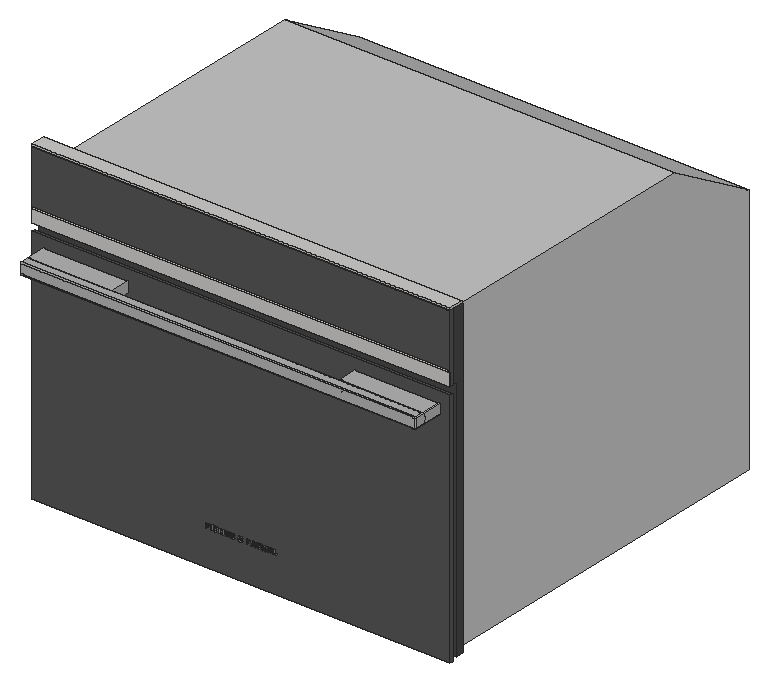
Revit family "FP_Revit_18_OS60NDB1_Steam_Oven_90000817A", category Specialty Equipment, Revit 2018
Family settings
  Round Connector Dimension = Use Diameter
  Part Type = Normal
  OmniClass Number = 23.40.40.14.17.31
  OmniClass Title = Small Specialized Cooking Equipment
  Work Plane-Based = No
  Always vertical = Yes
  Cut with Voids When Loaded = Yes
  Shared = No
  Room Calculation Point = No
Parameters (values of type "OS60NDB1")
  Visibility - Clearance Required = yes
  URL = "www.fisherpaykel.com"
  Product - Width = 596 mm  # constant formula
  Product - Height = 458 mm  # constant formula
  Product - Depth = 562 mm  # constant formula
  Model = "OS60NDB1"
  Material - Trim = Fisher & Paykel - Stainless Steel
  Material - Structure = Fisher & Paykel - Black
  Material - Handle = Fisher & Paykel - Aluminium
  Material - Glass = Fisher & Paykel - Glass, Black
  Material - Body = Fisher & Paykel - Grey
  Manufacturer = "Fisher & Paykel Appliances"
  FFL Offset [instance] = 900 mm
  Description = "60cm Steam Oven"
  Connector Description - Electrical = "220-240 V, 50 Hz, 14.5 A"
  Chassis - Width = 556 mm  # constant formula
  Chassis - Height = 446 mm  # constant formula
  Chassis - Depth = 540 mm  # constant formula
  Cavity - Width = 560 mm  # constant formula
  Cavity - Height = 460 mm  # constant formula
  Cavity - Depth = 560 mm  # constant formula
Reference planes
  plane 1 "Center (Front/Back)": y = 0
  plane 2: z = 0
  plane 3 "Center (Left/Right)": x = 0
  plane 4: z = 1360
  plane 5: z = 1358
  plane 6 "Product LHS": x = -298
  plane 7 "Product RHS": x = 298
  plane 8 "Product - Depth": y = 0
  plane 9 "Cavity LHS": x = -300
  plane 10 "Cavity RHS": x = 300
  plane 11 "Cavity - Depth": y = 560
  plane 12 "Front Face": y = -22
  plane 13 "Chassis - Height": z = 0
  plane 14 "Product Depth": y = 540
  plane 15 "FFL Offset": z = 900
Forms (mm)
  Extrusion 1, solid, material "Fisher & Paykel - Grey" <- "Material - Body"
    sketch origin (0, 0, 0) x (0, 1, 0) y (0, 0, 1)
      loop
        line (0, 1346) -> (0, 907.28) -> (5.16, 907.28) -> (5.16, 900) -> (534.187, 900) -> (534.187, 1257.991) -> (403.295, 1336.64) -> (24.316, 1336.64) -> (8.71, 1346) -> (0, 1346)
    from -278 to 278
  Extrusion 2, solid, material "Fisher & Paykel - Black" <- "Material - Structure", detail levels fine
    sketch origin (0, 0, 0) x (0, 1, 0) y (0, 0, 1)
      loop
        line (0, 1353.9) -> (-2, 1353.9) -> (-2, 1355) -> (-18, 1355) -> (-18, 1258) -> (-9.89, 1258) -> (-9.89, 907.28) -> (0, 907.28) -> (0, 1353.9)
    from -298 to 298
  Extrusion 3, solid, material "Fisher & Paykel - Stainless Steel" <- "Material - Trim", detail levels fine
    sketch origin (0, 0, 0) x (0, 1, 0) y (0, 0, 1)
      loop
        line (-22, 1358) -> (-22, 1355) -> (-2, 1355) -> (-2, 1358) -> (-22, 1358)
    from -298 to 298
  Extrusion 4, solid, material "Fisher & Paykel - Glass, Black" <- "Material - Glass", detail levels fine
    sketch origin (0, 0, 0) x (0, 1, 0) y (0, 0, 1)
      loop
        line (-18, 1355) -> (-20.262, 1355)
        arc (-20.262, 1355) -> (-21.236, 1354.682) -> (-22, 1354) r 2.5
        line (-22, 1354) -> (-22, 1258) -> (-18, 1258) -> (-18, 1355)
    from -298 to 298
  Extrusion 5, solid, material "Fisher & Paykel - Glass, Black" <- "Material - Glass", detail levels fine
    sketch origin (0, 0, 0) x (0, 1, 0) y (0, 0, 1)
      loop
        line (-22, 1246.53) -> (-22, 904.53) -> (-18, 904.53) -> (-18, 1246.53) -> (-22, 1246.53)
    from -298 to 298
  Extrusion 6, solid, material "Fisher & Paykel - Black" <- "Material - Structure", detail levels fine
    sketch origin (0, 0, 0) x (0, 1, 0) y (0, 0, 1)
      loop
        line (-18, 1229.33) -> (-18, 907.28) -> (-9.89, 907.28) -> (-9.89, 1229.33) -> (-18, 1229.33)
    from -278 to 278
  Extrusion 7, void
    sketch origin (0, 0, 0) x (1, 0, 0) y (0, 0, 1)
      loop
        line (-158.462, 1052.91) -> (-229.24, 1052.91)
        arc (-229.24, 1052.91) -> (-232.776, 1051.446) -> (-234.24, 1047.91) r 5
        line (-234.24, 1047.91) -> (-234.24, 955.13)
        arc (-234.24, 955.13) -> (-232.776, 951.594) -> (-229.24, 950.13) r 5
        line (-229.24, 950.13) -> (-158.462, 950.13)
        arc (-158.462, 950.13) -> (-154.926, 951.594) -> (-153.462, 955.13) r 5
        line (-153.462, 955.13) -> (-153.462, 1047.91)
        arc (-153.462, 1047.91) -> (-154.926, 1051.446) -> (-158.462, 1052.91) r 5
    from -539.6 to -521.6
  Sweep 8, void
    path in 3D
      loop
        arc (-153.462, 521.6, 955.13) -> (-154.926, 521.6, 951.594) -> (-158.462, 521.6, 950.13) r 5
        line (-158.462, 521.6, 950.13) -> (-229.24, 521.6, 950.13)
        arc (-229.24, 521.6, 950.13) -> (-232.776, 521.6, 951.594) -> (-234.24, 521.6, 955.13) r 5
        line (-234.24, 521.6, 955.13) -> (-234.24, 521.6, 1047.91)
        arc (-234.24, 521.6, 1047.91) -> (-232.776, 521.6, 1051.446) -> (-229.24, 521.6, 1052.91) r 5
        line (-229.24, 521.6, 1052.91) -> (-158.462, 521.6, 1052.91)
        arc (-158.462, 521.6, 1052.91) -> (-154.926, 521.6, 1051.446) -> (-153.462, 521.6, 1047.91) r 5
        line (-153.462, 521.6, 1047.91) -> (-153.462, 521.6, 955.13)
    profile origin (-153.462, 521.6, 1001.52) x (-1, 0, 0) y (0, -1, 0)
      loop
        line (0, 0) -> (-21.3, -12.587) -> (0, -12.587) -> (0, 0)
  Extrusion 9, solid, material "Fisher & Paykel - Grey" <- "Material - Body", detail levels medium+fine
    sketch origin (0, 0, -100) x (1, 0, 0) y (0, 0, 1)
      loop
        line (-175.354, 1115.273) -> (-212.354, 1115.273) -> (-212.354, 1057.273) -> (-175.354, 1057.273) -> (-175.354, 1115.273)
    from -540 to -521.6
  Extrusion 10, solid, material "Fisher & Paykel - Stainless Steel" <- "Material - Trim", detail levels fine
    sketch origin (0, 0, 0) x (0, 1, 0) y (0, 0, 1)
      loop
        line (-22, 1258) -> (-22, 1277.8) -> (-22.8, 1277.8) -> (-23.7, 1275.5) -> (-23.7, 1258) -> (-22, 1258)
    from -298 to 298
  Extrusion 11, solid, material "Fisher & Paykel - Clearance Required", visible <- "Visibility - Clearance Required", detail levels coarse
    sketch origin (0, 0, 0) x (1, 0, 0) y (0, 1, 0)
      loop
        line (-280, 0) -> (280, 0) -> (280, 548.619) -> (-280, 548.619) -> (-280, 0)
    from 900 to 1360
  Extrusion 12, solid, material "Fisher & Paykel - Clearance Required", visible <- "Visibility - Clearance Required", detail levels coarse
    sketch origin (0, 0, 0) x (0, 1, 0) y (0, 0, 1)
      loop
        arc (-22, 1246.53) -> (-241.159, 1161.206) -> (-341.563, 948.532) r 317.644
        line (-341.563, 948.532) -> (-326.406, 946.445) -> (-332.106, 905.048) -> (-316.871, 902.951) -> (-311.171, 944.347) -> (-22, 904.53) -> (-22, 900) -> (0, 900) -> (0, 1360) -> (-22, 1360) -> (-22, 1246.53)
    from -300 to 300
  Sweep 13, solid, material "Fisher & Paykel - Grey" <- "Material - Body", detail levels fine
    path origin (0, 0, -100) x (0, 1, 0) y (0, 0, 1)
      loop
        arc (530.8, 1057.273) -> (536.019, 1044.673) -> (548.619, 1039.454) r 17.819
    profile origin (0, 536.019, 944.673) x (0, 0.707107, 0.707107) y (1, 0, 0)
      loop
        circle (0, -193.854) r 5
  Extrusion 14, solid, material "Fisher & Paykel - Glass, Black" <- "Material - Glass", detail levels coarse+medium
    sketch origin (0, 0, 0) x (0, 1, 0) y (0, 0, 1)
      loop
        line (-22, 1358) -> (-22, 1258) -> (-9.89, 1258) -> (-9.89, 1229.33) -> (-18, 1229.33) -> (-18, 1246.53) -> (-22, 1246.53) -> (-22, 904.53) -> (-18, 904.53) -> (-18, 907.28) -> (0, 907.28) -> (0, 1353.9) -> (-2, 1353.9) -> (-2, 1358) -> (-22, 1358)
    from -298 to 298
  Extrusion 15, solid, material "Fisher & Paykel - Grey" <- "Material - Body", not visible, detail levels medium+fine
    sketch origin (0, 0, 0) x (1, 0, 0) y (0, 0, 1)
      loop
        line (-175.354, 1115.273) -> (-212.354, 1115.273) -> (-212.354, 1057.273) -> (-175.354, 1057.273) -> (-175.354, 1115.273)
    from -540 to -521.6
  Sweep 16, solid, material "Fisher & Paykel - Grey" <- "Material - Body", not visible, detail levels fine
    path origin (0, 0, 0) x (0, 1, 0) y (0, 0, 1)
      loop
        arc (530.8, 1057.273) -> (536.019, 1044.673) -> (548.619, 1039.454) r 17.819
    profile origin (0, 536.019, 1044.673) x (0, 0.707107, 0.707107) y (1, 0, 0)
      loop
        circle (0, -193.854) r 5
  Extrusion 17, void
    sketch origin (0, 0, 0) x (1, 0, 0) y (0, 1, 0)
      loop
        line (-280, 0) -> (280, 0) -> (280, 548.619) -> (-280, 548.619) -> (-280, 0)
    from 900 to 1360
  Extrusion 18, solid, material "Fisher & Paykel - Clearance Required", visible <- "Visibility - Clearance Required", detail levels coarse
    sketch origin (0, 0, 0) x (0, 1, 0) y (0, 0, 1)
      loop
        arc (-22, 1246.53) -> (-241.159, 1161.206) -> (-341.563, 948.532) r 317.644
        line (-341.563, 948.532) -> (-326.406, 946.445) -> (-332.106, 905.048) -> (-316.871, 902.951) -> (-311.171, 944.347) -> (-22, 904.53) -> (-22, 900) -> (0, 900) -> (0, 1360) -> (-22, 1360) -> (-22, 1246.53)
    from -300 to 300
  Extrusion 19, void
    sketch origin (0, 0, 0) x (0, 1, 0) y (0, 0, 1)
      loop
        line (-22, 1360) -> (-22, 900) -> (0, 900) -> (0, 1360) -> (-22, 1360)
    from -300 to 300
Cuts and joins
  Extrusion 7, Sweep 8 cuts Extrusion 1
  Extrusion 7 cuts Extrusion 2
  Extrusion 7 cuts Extrusion 5
  Extrusion 7 cuts Extrusion 6
Lines and regions (mm)
  sketch lines
    curve 1: line (-153.462, 521.6, 1047.91) -> (-153.462, 521.6, 955.13)
    curve 2: arc (-153.462, 521.6, 1047.91) -> (-154.926, 521.6, 1051.446) -> (-158.462, 521.6, 1052.91) r 5
    curve 3: line (-229.24, 521.6, 1052.91) -> (-158.462, 521.6, 1052.91)
    curve 4: arc (-229.24, 521.6, 1052.91) -> (-232.776, 521.6, 1051.446) -> (-234.24, 521.6, 1047.91) r 5
    curve 5: line (-234.24, 521.6, 955.13) -> (-234.24, 521.6, 1047.91)
    curve 6: arc (-234.24, 521.6, 955.13) -> (-232.776, 521.6, 951.594) -> (-229.24, 521.6, 950.13) r 5
    curve 7: arc (-158.462, 521.6, 950.13) -> (-154.926, 521.6, 951.594) -> (-153.462, 521.6, 955.13) r 5
    curve 8: line (-158.462, 521.6, 950.13) -> (-229.24, 521.6, 950.13)
Text (mm)
  text "Due to ongoing product development, product details are subject to change without notice. \nPlease always refer to www.fisherpaykel.com for the most current product information. \n© Fisher & Paykel 2020" at (41.04, -413.295, 0), in view "Ref. Level (Plan)"
Dimensions and locks
  equal spacing: plane 6 "Product LHS", plane 3 "Center (Left/Right)", plane 7 "Product RHS"
  "Product - Width": plane 6 "Product LHS" to plane 7 "Product RHS"
  equal spacing: plane 9 "Cavity LHS", plane 3 "Center (Left/Right)", plane 10 "Cavity RHS"
  locked: plane 9 "Cavity LHS" to plane 10 "Cavity RHS" at 600
  "Cavity - Depth": plane 11 "Cavity - Depth" to plane 1 "Center (Front/Back)"
  locked: plane 12 "Front Face" to plane 1 "Center (Front/Back)" at 22
  "Chassis - Depth": plane 1 "Center (Front/Back)" to plane 14 "Product Depth"
  Extrusion 1 sketch curve to plane 14 "Product Depth" = 5.813 mm
  equal spacing: cut or joined group of Extrusion 1, Extrusion 7, Sweep 8, plane 3 "Center (Left/Right)", cut or joined group of Extrusion 1, Extrusion 7, Sweep 8
  "Chassis - Width": cut or joined group of Extrusion 1, Extrusion 7, Sweep 8 to cut or joined group of Extrusion 1, Extrusion 7, Sweep 8
  "FFL Offset": plane 15 "FFL Offset" to level
  locked: nested 2 to plane 15 "FFL Offset" at 61.04
  locked: cut or joined group of Extrusion 1, Extrusion 7, Sweep 8 to plane 15 "FFL Offset" at 7.28
  locked: Extrusion 14 to plane 15 "FFL Offset" at 4.53
  locked: cut or joined group of Extrusion 1, Extrusion 7, Sweep 8 to plane 15 "FFL Offset" at 436.64
  "Chassis - Height": cut or joined group of Extrusion 1, Extrusion 7, Sweep 8 to plane 15 "FFL Offset"
  Extrusion 11 to plane 15 "FFL Offset" = 460 mm
  locked: plane 15 "FFL Offset" to Extrusion 9 at 57.273
  locked: plane 15 "FFL Offset" to cut or joined group of Extrusion 1, Extrusion 7, Sweep 8 at 50.13
  "Product - Height": plane 5 to plane 15 "FFL Offset"
  "Cavity - Height": plane 4 to plane 15 "FFL Offset"
  locked: nested 1 to plane 15 "FFL Offset" at 330.978
  locked: plane 5 to Extrusion 14 at 100
  locked: plane 5 to Extrusion 14 at 111.47
  locked: Extrusion 12 sketch curve to plane 15 "FFL Offset" at 4.53
  locked: plane 15 "FFL Offset" to Extrusion 7 sketch curve at 152.91
  locked: plane 15 "FFL Offset" to Extrusion 7 sketch curve at 50.13
  "Cavity - Width": Extrusion 17 to Extrusion 17
  aligned and locked: level to plane 2
  aligned and locked: Extrusion 3 sketch curve to plane 5
  aligned and locked: plane 6 "Product LHS" to Extrusion 5
  aligned and locked: Extrusion 5 to plane 7 "Product RHS"
  aligned and locked: Extrusion 4 to plane 7 "Product RHS"
  aligned and locked: plane 6 "Product LHS" to Extrusion 4
  aligned and locked: plane 6 "Product LHS" to Extrusion 3
  aligned and locked: Extrusion 3 to plane 7 "Product RHS"
  aligned and locked: plane 6 "Product LHS" to Extrusion 2
  aligned and locked: Extrusion 2 to plane 7 "Product RHS"
  aligned and locked: plane 14 "Product Depth" to Extrusion 9
  aligned and locked: cut or joined group of Extrusion 1, Extrusion 7, Sweep 8 to Extrusion 9
  aligned and locked: Extrusion 10 to plane 7 "Product RHS"
  aligned and locked: plane 6 "Product LHS" to Extrusion 10
  aligned and locked: Extrusion 14 to plane 7 "Product RHS"
  aligned and locked: plane 6 "Product LHS" to Extrusion 14
  aligned and locked: Extrusion 1 to plane 15 "FFL Offset"
  aligned and locked: Extrusion 11 to cut or joined group of Extrusion 1, Extrusion 7, Sweep 8
  aligned and locked: Extrusion 14 to cut or joined group of Extrusion 1, Extrusion 7, Sweep 8
  aligned and locked: Extrusion 2 to cut or joined group of Extrusion 1, Extrusion 7, Sweep 8
  aligned and locked: Extrusion 6 to cut or joined group of Extrusion 1, Extrusion 7, Sweep 8
  aligned and locked: plane 5 to Extrusion 3
  aligned and locked: plane 5 to Extrusion 14
  aligned and locked: Extrusion 10 to Extrusion 4
  aligned and locked: Extrusion 14 to Extrusion 4
  aligned and locked: Extrusion 4 to cut or joined group of Extrusion 2, Extrusion 7
  aligned and locked: Extrusion 5 to Extrusion 14  (x2)
  aligned and locked: plane 4 to Extrusion 11
  aligned and locked: Extrusion 11 to Sweep 13
  aligned and locked: Extrusion 12 sketch curve to plane 15 "FFL Offset"
  aligned and locked: Extrusion 12 sketch curve to plane 4
  aligned and locked: plane 4 to Extrusion 17
  aligned and locked: Extrusion 17 to cut or joined group of Extrusion 1, Extrusion 7, Sweep 8
  aligned and locked: plane 15 "FFL Offset" to Extrusion 19 sketch curve
  aligned and locked: Extrusion 19 sketch curve to plane 4
Automatic sketch dimensions
  Extrusion 9 sketch curve to Extrusion 9 sketch curve = 37 mm
  Extrusion 9 sketch curve to Extrusion 9 sketch curve = 58 mm
  Sweep 13 sketch curve to profile plane = 0 mm
  Sweep 13 sketch curve to Sweep 13 sketch curve = 17.819 mm
  Sweep 13 sketch curve to profile plane = 193.854 mm
  Extrusion 15 sketch curve to Extrusion 15 sketch curve = 37 mm
  Extrusion 15 sketch curve to Extrusion 15 sketch curve = 58 mm
  Sweep 16 sketch curve to profile plane = 0 mm
  Sweep 16 sketch curve to Sweep 16 sketch curve = 17.819 mm
  Sweep 16 sketch curve to profile plane = 193.854 mm
  Extrusion 1 sketch curve to plane 1 "Center (Front/Back)" = 0 mm
  Extrusion 1 sketch curve to plane 15 "FFL Offset" = 0 mm
  Extrusion 1 sketch curve to plane 1 "Center (Front/Back)" = 5.16 mm
  Extrusion 1 sketch curve to Extrusion 1 sketch curve = 8.71 mm
  Extrusion 1 sketch curve to Extrusion 1 sketch curve = 15.606 mm
  Extrusion 1 sketch curve to plane 5 = 21.36 mm
  Extrusion 1 sketch curve to plane 14 "Product Depth" = 136.705 mm
  Extrusion 1 sketch curve to Extrusion 1 sketch curve = 7.28 mm
  Extrusion 1 sketch curve to plane 5 = 100.009 mm
  Extrusion 1 sketch curve to plane 5 = 12 mm
  Extrusion 2 sketch curve to plane 1 "Center (Front/Back)" = 0 mm
  plane 1 "Center (Front/Back)" to Extrusion 2 sketch curve = 2 mm
  plane 1 "Center (Front/Back)" to Extrusion 2 sketch curve = 9.89 mm
  plane 12 "Front Face" to Extrusion 2 sketch curve = 4 mm
  plane 15 "FFL Offset" to Extrusion 2 sketch curve = 7.28 mm
  Extrusion 2 sketch curve to plane 5 = 100 mm
  Extrusion 2 sketch curve to plane 5 = 4.1 mm
  Extrusion 2 sketch curve to Extrusion 2 sketch curve = 1.1 mm
  Extrusion 3 sketch curve to plane 12 "Front Face" = 0 mm
  plane 1 "Center (Front/Back)" to Extrusion 3 sketch curve = 2 mm
  Extrusion 3 sketch curve to plane 5 = 3 mm
  Extrusion 4 sketch curve to plane 12 "Front Face" = 0 mm
  plane 12 "Front Face" to Extrusion 4 sketch curve = 1.738 mm
  plane 12 "Front Face" to Extrusion 4 sketch curve = 2.011 mm
  plane 12 "Front Face" to Extrusion 4 sketch curve = 4 mm
  Extrusion 4 sketch curve to plane 5 = 100 mm
  Extrusion 4 sketch curve to plane 5 = 5.485 mm
  Extrusion 4 sketch curve to Extrusion 4 sketch curve = 1.485 mm
  Extrusion 5 sketch curve to plane 12 "Front Face" = 0 mm
  plane 12 "Front Face" to Extrusion 5 sketch curve = 4 mm
  plane 15 "FFL Offset" to Extrusion 5 sketch curve = 4.53 mm
  Extrusion 5 sketch curve to plane 5 = 111.47 mm
  plane 12 "Front Face" to Extrusion 6 sketch curve = 4 mm
  Extrusion 6 sketch curve to Extrusion 6 sketch curve = 8.11 mm
  plane 15 "FFL Offset" to Extrusion 6 sketch curve = 7.28 mm
  Extrusion 6 sketch curve to plane 5 = 128.67 mm
  Extrusion 7 sketch curve to plane 6 "Product LHS" = 63.76 mm
  Extrusion 7 sketch curve to Extrusion 7 sketch curve = 5 mm  (x3)
  Extrusion 7 sketch curve to Extrusion 7 sketch curve = 70.778 mm  (x2)
  Sweep 8 sketch curve to profile plane = 0 mm  (x2)
  Sweep 8 sketch curve to profile plane = 21.3 mm
  profile plane to Sweep 8 sketch curve = 12.587 mm
  Extrusion 10 sketch curve to plane 12 "Front Face" = 0 mm
  Extrusion 10 sketch curve to Extrusion 10 sketch curve = 0.8 mm
  Extrusion 10 sketch curve to plane 12 "Front Face" = 1.7 mm
  Extrusion 10 sketch curve to plane 5 = 100 mm
  Extrusion 10 sketch curve to Extrusion 10 sketch curve = 17.5 mm
  Extrusion 10 sketch curve to Extrusion 10 sketch curve = 2.3 mm
  plane 1 "Center (Front/Back)" to Extrusion 11 sketch curve = 0 mm
  plane 14 "Product Depth" to Extrusion 11 sketch curve = 8.619 mm
  Extrusion 11 sketch curve to plane 6 "Product LHS" = 18 mm
  plane 7 "Product RHS" to Extrusion 11 sketch curve = 18 mm
  Extrusion 12 sketch curve to plane 12 "Front Face" = 0 mm  (x2)
  Extrusion 12 sketch curve to plane 1 "Center (Front/Back)" = 0 mm
  Extrusion 12 sketch curve to plane 12 "Front Face" = 2.526 mm
  plane 15 "FFL Offset" to Extrusion 12 sketch curve = 44.347 mm
  Extrusion 12 sketch curve to Extrusion 12 sketch curve = 286.644 mm
  plane 15 "FFL Offset" to Extrusion 12 sketch curve = 2.951 mm
  plane 15 "FFL Offset" to Extrusion 12 sketch curve = 46.445 mm
  Extrusion 12 sketch curve to Extrusion 12 sketch curve = 15.235 mm
  plane 15 "FFL Offset" to Extrusion 12 sketch curve = 48.532 mm
  Extrusion 12 sketch curve to Extrusion 12 sketch curve = 24.366 mm
  Extrusion 14 sketch curve to plane 5 = 0 mm
  Extrusion 14 sketch curve to plane 12 "Front Face" = 0 mm  (x2)
  Extrusion 14 sketch curve to plane 1 "Center (Front/Back)" = 0 mm
  plane 12 "Front Face" to Extrusion 14 sketch curve = 4 mm  (x2)
  plane 1 "Center (Front/Back)" to Extrusion 14 sketch curve = 9.89 mm
  plane 1 "Center (Front/Back)" to Extrusion 14 sketch curve = 2 mm
  Extrusion 14 sketch curve to plane 5 = 4.1 mm
  Extrusion 14 sketch curve to Extrusion 14 sketch curve = 95.9 mm
  Extrusion 14 sketch curve to Extrusion 14 sketch curve = 11.47 mm
  Extrusion 14 sketch curve to Extrusion 14 sketch curve = 17.2 mm
  plane 15 "FFL Offset" to Extrusion 14 sketch curve = 7.28 mm
  Extrusion 14 sketch curve to Extrusion 14 sketch curve = 2.75 mm
  plane 1 "Center (Front/Back)" to Extrusion 17 sketch curve = 0 mm
  plane 14 "Product Depth" to Extrusion 17 sketch curve = 8.619 mm
  Extrusion 17 sketch curve to plane 6 "Product LHS" = 18 mm
  plane 7 "Product RHS" to Extrusion 17 sketch curve = 18 mm
  Extrusion 18 sketch curve to plane 12 "Front Face" = 0 mm  (x2)
  Extrusion 18 sketch curve to plane 1 "Center (Front/Back)" = 0 mm
  Extrusion 18 sketch curve to plane 15 "FFL Offset" = 0 mm
  Extrusion 18 sketch curve to plane 4 = 0 mm
  Extrusion 18 sketch curve to plane 12 "Front Face" = 2.526 mm
  plane 15 "FFL Offset" to Extrusion 18 sketch curve = 44.347 mm
  Extrusion 18 sketch curve to Extrusion 18 sketch curve = 286.644 mm
  plane 15 "FFL Offset" to Extrusion 18 sketch curve = 2.951 mm
  Extrusion 18 sketch curve to Extrusion 18 sketch curve = 5.7 mm
  plane 15 "FFL Offset" to Extrusion 18 sketch curve = 46.445 mm
  Extrusion 18 sketch curve to Extrusion 18 sketch curve = 15.235 mm
  plane 15 "FFL Offset" to Extrusion 18 sketch curve = 48.532 mm
  Extrusion 18 sketch curve to Extrusion 18 sketch curve = 24.366 mm
  Extrusion 19 sketch curve to plane 12 "Front Face" = 0 mm
  Extrusion 19 sketch curve to plane 1 "Center (Front/Back)" = 0 mm
  radius of Sweep 13 sketch curve = 5 mm
  radius of Sweep 16 sketch curve = 5 mm
Nested families
  nested 1: "F&P Handle Contemporary Square OB60-24" at (0, -22, 1223), type "Aluminium"
  nested 2: "F&P Logo 100mm" at (0, -22, 955), type "F&P Logo 100mm"
Connectors
  electrical at (-193.854, 548.619, 939.454), driven by "Connector Description - Electrical"
    settings: on Sweep 13, index 1, voltage 230 V, apparent load 0 VA, apparent load phase1 0 VA, apparent load phase2 0 VA, apparent load phase3 0 VA, power factor 1, load classification "Other", number of poles 1, system type 30, power factor state 1, is connector primary yes, connector utility no, sub classification motor no, connector description "220-240 V, 50 Hz, 14.5 A"
Definition of nested family "F&P Handle Contemporary Square OB60-24"
  Parameters (values of type "Aluminium Dark")
    URL = "www.fisherpaykel.com"
    Material - Handle = none
    Manufacturer = "Fisher & Paykel Appliances"
    Handle - Length = 565 mm
  Types (2): name
    Aluminium
    Aluminium Dark
  Reference planes
    plane 1 "Center (Front/Back)": y = 0
    plane 2: z = 0
    plane 3 "Center (Left/Right)": x = 0
    plane 4 "Product LHS": x = -282.5
    plane 5 "Product RHS": x = 282.5
    plane 6 "LHS Standoff": x = -162.495
    plane 7 "RHS Standoff": x = 162.505
  Forms (mm)
    Extrusion 1, solid, material <- "Material - Handle", detail levels fine
      sketch origin (0, 0, 0) x (0, 1, 0) y (0, 0, 1)
        loop
          arc (-28.701, 7.561) -> (-29.057, 7.868) -> (-29.514, 7.978) r 1
          line (-29.514, 7.978) -> (-40.5, 7.978)
          arc (-40.5, 7.978) -> (-41.561, 7.539) -> (-42, 6.478) r 1.5
          line (-42, 6.478) -> (-42, -6.522)
          arc (-42, -6.522) -> (-41.561, -7.583) -> (-40.5, -8.022) r 1.5
          line (-40.5, -8.022) -> (-29.487, -8.022)
          arc (-29.487, -8.022) -> (-29.029, -7.911) -> (-28.673, -7.602) r 1
          arc (-28.673, -7.602) -> (-26.256, -0.016) -> (-28.701, 7.561) r 13.038
      from -282.5 to 282.5
    Extrusion 2, solid, material <- "Material - Handle", detail levels fine
      sketch origin (0, 0, 0) x (0, 1, 0) y (0, 0, 1)
        loop
          arc (-28.23, 7.062) -> (-26.156, 0.008) -> (-28.198, -7.056) r 13.136
          arc (-28.198, -7.056) -> (-28.21, -7.463) -> (-27.86, -7.67) r 0.4
          line (-27.86, -7.67) -> (0, -7.67) -> (0, 7.678) -> (-27.893, 7.678)
          arc (-27.893, 7.678) -> (-28.244, 7.47) -> (-28.23, 7.062) r 0.4
      from 162.505 to 282.5
    Extrusion 3, solid, material <- "Material - Handle", detail levels fine
      sketch origin (0, 0, 0) x (0, 1, 0) y (0, 0, -1)
        loop
          arc (-28.23, -7.062) -> (-28.244, -7.47) -> (-27.893, -7.678) r 0.4
          line (-27.893, -7.678) -> (0, -7.678) -> (0, 7.67) -> (-27.86, 7.67)
          arc (-27.86, 7.67) -> (-28.21, 7.463) -> (-28.198, 7.056) r 0.4
          arc (-28.198, 7.056) -> (-26.156, -0.008) -> (-28.23, -7.062) r 13.136
      from 162.495 to 282.5
    Sweep 4, void
      path in 3D
        loop
          line (282.5, -29.514, 7.978) -> (282.5, -40.5, 7.978)
          arc (282.5, -40.5, 7.978) -> (282.5, -41.561, 7.539) -> (282.5, -42, 6.478) r 1.5
          line (282.5, -42, 6.478) -> (282.5, -42, -6.522)
          arc (282.5, -42, -6.522) -> (282.5, -41.561, -7.583) -> (282.5, -40.5, -8.022) r 1.5
          line (282.5, -40.5, -8.022) -> (282.5, -29.487, -8.022)
      profile origin (282.5, -35.007, 7.978) x (1, 0, 0) y (0, 0, 1)
        loop
          line (0, 0) -> (-1.3, 0) -> (0, -1.3) -> (0, 0)
    Sweep 5, void
      path in 3D
        loop
          line (-282.5, -29.487, -8.022) -> (-282.5, -40.5, -8.022)
          arc (-282.5, -40.5, -8.022) -> (-282.5, -41.561, -7.583) -> (-282.5, -42, -6.522) r 1.5
          line (-282.5, -42, -6.522) -> (-282.5, -42, 6.478)
          arc (-282.5, -42, 6.478) -> (-282.5, -41.561, 7.539) -> (-282.5, -40.5, 7.978) r 1.5
          line (-282.5, -40.5, 7.978) -> (-282.5, -29.514, 7.978)
      profile origin (-282.5, -35.007, 7.978) x (-1, 0, 0) y (0, 0, 1)
        loop
          line (0, 0) -> (-1.3, 0) -> (0, -1.3) -> (0, 0)
    Extrusion 6, void
      sketch origin (0, 0, 0) x (1, 0, 0) y (0, 0, 1)
        loop
          line (282.5, 7.978) -> (281.2, 7.978) -> (282.5, 6.678) -> (282.5, 7.978)
        loop
          line (282.5, -8.022) -> (282.5, -6.722) -> (281.2, -8.022) -> (282.5, -8.022)
      from 0 to 40
    Extrusion 7, void
      sketch origin (0, 0, 0) x (1, 0, 0) y (0, 0, 1)
        loop
          line (-282.5, 7.978) -> (-282.5, 6.678) -> (-281.2, 7.978) -> (-282.5, 7.978)
        loop
          line (-282.5, -8.022) -> (-281.2, -8.022) -> (-282.5, -6.722) -> (-282.5, -8.022)
      from 0 to 40
    Extrusion 8, solid, material <- "Material - Handle", detail levels coarse+medium
      sketch origin (0, 0, 0) x (1, 0, 0) y (0, 1, 0)
        loop
          line (-282.5, -42) -> (282.5, -42) -> (282.5, 0) -> (162.505, 0) -> (162.505, -26.156) -> (-162.495, -26.156) -> (-162.495, 0) -> (-282.5, 0) -> (-282.5, -42)
      from -8.022 to 7.978
  Cuts and joins
    Sweep 4, Sweep 5, Extrusion 6, Extrusion 7 cuts Extrusion 1
    Extrusion 6 cuts Extrusion 2
    Extrusion 7 cuts Extrusion 3
  Lines and regions (mm)
    sketch lines
      curve 1: line (282.5, -29.514, 7.978) -> (282.5, -40.5, 7.978)
      curve 2: arc (282.5, -42, 6.478) -> (282.5, -41.561, 7.539) -> (282.5, -40.5, 7.978) r 1.5
      curve 3: line (282.5, -42, 6.478) -> (282.5, -42, -6.522)
      curve 4: arc (282.5, -40.5, -8.022) -> (282.5, -41.561, -7.583) -> (282.5, -42, -6.522) r 1.5
      curve 5: line (282.5, -40.5, -8.022) -> (282.5, -29.487, -8.022)
      curve 6: line (-282.5, -40.5, 7.978) -> (-282.5, -29.514, 7.978)
      curve 7: arc (-282.5, -40.5, 7.978) -> (-282.5, -41.561, 7.539) -> (-282.5, -42, 6.478) r 1.5
      curve 8: line (-282.5, -42, -6.522) -> (-282.5, -42, 6.478)
      curve 9: arc (-282.5, -42, -6.522) -> (-282.5, -41.561, -7.583) -> (-282.5, -40.5, -8.022) r 1.5
      curve 10: line (-282.5, -29.487, -8.022) -> (-282.5, -40.5, -8.022)
  Dimensions and locks
    equal spacing: plane 4 "Product LHS", plane 3 "Center (Left/Right)", plane 5 "Product RHS"
    "Handle - Length": plane 4 "Product LHS" to plane 5 "Product RHS"
    locked: plane 4 "Product LHS" to plane 6 "LHS Standoff" at 120.005
    locked: plane 7 "RHS Standoff" to plane 5 "Product RHS" at 119.995
    aligned and locked: level to plane 2
    aligned and locked: Extrusion 1 to plane 5 "Product RHS"
    aligned and locked: plane 4 "Product LHS" to Extrusion 1
    aligned and locked: Extrusion 2 to plane 5 "Product RHS"
    aligned and locked: plane 4 "Product LHS" to Extrusion 3
    aligned and locked: plane 4 "Product LHS" to Extrusion 8 sketch curve
    aligned and locked: Extrusion 8 sketch curve to plane 5 "Product RHS"
    aligned and locked: Extrusion 8 sketch curve to plane 7 "RHS Standoff"
    aligned and locked: plane 6 "LHS Standoff" to Extrusion 8 sketch curve
    aligned and locked: Extrusion 2 to plane 7 "RHS Standoff"
    aligned and locked: plane 6 "LHS Standoff" to Extrusion 3
  Automatic sketch dimensions
    Extrusion 1 sketch curve to level = 6.522 mm
    plane 1 "Center (Front/Back)" to Extrusion 1 sketch curve = 42 mm
    Extrusion 1 sketch curve to Extrusion 1 sketch curve = 1.5 mm  (x2)
    Extrusion 1 sketch curve to level = 0.04 mm
    Extrusion 1 sketch curve to Extrusion 1 sketch curve = 1.206 mm
    level to Extrusion 1 sketch curve = 6.978 mm
    Extrusion 1 sketch curve to Extrusion 1 sketch curve = 10.986 mm
    Extrusion 1 sketch curve to Extrusion 1 sketch curve = 11.013 mm
    Extrusion 1 sketch curve to Extrusion 1 sketch curve = 1 mm
    level to Extrusion 1 sketch curve = 6.478 mm
    Extrusion 1 sketch curve to Extrusion 1 sketch curve = 0 mm
    Extrusion 2 sketch curve to plane 1 "Center (Front/Back)" = 0 mm
    Extrusion 2 sketch curve to level = 7.67 mm
    Extrusion 2 sketch curve to Extrusion 2 sketch curve = 27.86 mm
    level to Extrusion 2 sketch curve = 7.678 mm
    Extrusion 2 sketch curve to Extrusion 2 sketch curve = 0.033 mm
    Extrusion 2 sketch curve to level = 0.022 mm
    Extrusion 2 sketch curve to Extrusion 2 sketch curve = 11.398 mm
    Extrusion 2 sketch curve to Extrusion 2 sketch curve = 0.4 mm  (x2)
    Extrusion 2 sketch curve to Extrusion 2 sketch curve = 0 mm
    Extrusion 3 sketch curve to plane 1 "Center (Front/Back)" = 0 mm
    Extrusion 3 sketch curve to level = 7.67 mm
    Extrusion 3 sketch curve to Extrusion 3 sketch curve = 27.86 mm
    level to Extrusion 3 sketch curve = 7.678 mm
    Extrusion 3 sketch curve to Extrusion 3 sketch curve = 0.033 mm
    Extrusion 3 sketch curve to level = 0.022 mm
    Extrusion 3 sketch curve to Extrusion 3 sketch curve = 11.398 mm
    Extrusion 3 sketch curve to Extrusion 3 sketch curve = 0.4 mm  (x2)
    Extrusion 3 sketch curve to Extrusion 3 sketch curve = 0 mm
    profile plane to Sweep 4 sketch curve = 0 mm
    Sweep 4 sketch curve to profile plane = 0 mm
    Sweep 4 sketch curve to profile plane = 1.3 mm
    profile plane to Sweep 4 sketch curve = 1.3 mm
    Sweep 5 sketch curve to profile plane = 0 mm  (x2)
    profile plane to Sweep 5 sketch curve = 1.3 mm
    Sweep 5 sketch curve to profile plane = 1.3 mm
    plane 5 "Product RHS" to Extrusion 6 sketch curve = 0 mm  (x2)
    Extrusion 6 sketch curve to Extrusion 6 sketch curve = 1.3 mm  (x4)
    Extrusion 6 sketch curve to level = 6.722 mm
    level to Extrusion 6 sketch curve = 6.678 mm
    plane 4 "Product LHS" to Extrusion 7 sketch curve = 0 mm  (x2)
    Extrusion 7 sketch curve to plane 4 "Product LHS" = 1.3 mm  (x2)
    Extrusion 7 sketch curve to level = 8.022 mm
    level to Extrusion 7 sketch curve = 6.678 mm
    Extrusion 7 sketch curve to Extrusion 7 sketch curve = 1.3 mm  (x2)
    plane 1 "Center (Front/Back)" to Extrusion 8 sketch curve = 0 mm  (x2)
    Extrusion 8 sketch curve to Extrusion 8 sketch curve = 26.156 mm
    Extrusion 8 sketch curve to Extrusion 8 sketch curve = 42 mm
Definition of nested family "F&P Logo 100mm"
  Parameters (values of type "F&P Logo 100mm")
    URL = "www.fisherpaykel.com"
    Material - Logo = none
    Manufacturer = "Fisher & Paykel Appliances"
  Reference planes
    plane 1 "Center (Front/Back)": y = 0
    plane 2: z = 0
    plane 3 "Center (Left/Right)": x = 0
  Forms (mm)
    Extrusion 1, solid, material <- "Material - Logo", detail levels fine
      sketch origin (0, 0, 0) x (1, 0, 0) y (0, 0, 1)
        loop
          line (-50.044, 0) -> (-48.47, 0) -> (-48.47, 2.138) -> (-46.011, 2.138) -> (-46.011, 3.472) -> (-48.47, 3.472) -> (-48.47, 4.712) -> (-45.795, 4.712) -> (-45.795, 6.04) -> (-50.044, 6.04) -> (-50.044, 0)
        loop
          line (-42.804, 6.04) -> (-42.804, 0) -> (-41.23, 0) -> (-41.23, 6.04) -> (-42.804, 6.04)
        loop
          line (-30.724, 6.04) -> (-30.724, 0) -> (-29.151, 0) -> (-29.151, 2.42) -> (-26.839, 2.42) -> (-26.839, 0) -> (-25.265, 0) -> (-25.265, 6.04) -> (-26.839, 6.04) -> (-26.839, 3.748) -> (-29.151, 3.748) -> (-29.151, 6.04) -> (-30.724, 6.04)
        loop
          line (-21.906, 6.04) -> (-21.906, 0) -> (-17.602, 0) -> (-17.602, 1.328) -> (-20.347, 1.328) -> (-20.347, 2.42) -> (-17.838, 2.42) -> (-17.838, 3.748) -> (-20.347, 3.748) -> (-20.347, 4.712) -> (-17.602, 4.712) -> (-17.602, 6.04) -> (-21.906, 6.04)
        loop
          line (45.667, 6.04) -> (45.667, 0) -> (49.956, 0) -> (49.956, 1.328) -> (47.241, 1.328) -> (47.241, 6.04) -> (45.667, 6.04)
        loop
          line (42.431, 6.04) -> (38.112, 6.04) -> (38.112, 0) -> (42.431, 0) -> (42.431, 1.328) -> (39.687, 1.328) -> (39.687, 2.42) -> (42.195, 2.42) -> (42.195, 3.748) -> (39.687, 3.748) -> (39.687, 4.712) -> (42.431, 4.712) -> (42.431, 6.04)
        loop
          line (33.451, 3.148) -> (35.683, 6.04) -> (33.844, 6.04) -> (31.915, 3.542) -> (31.915, 6.04) -> (30.342, 6.04) -> (30.342, 0) -> (31.915, 0) -> (31.915, 2.705) -> (33.903, 0) -> (35.763, 0) -> (33.451, 3.148)
        loop
          line (21.98, 6.04) -> (24.262, 2.42) -> (24.262, 0) -> (25.837, 0) -> (25.837, 2.341) -> (28.119, 6.04) -> (26.446, 6.04) -> (25.099, 3.707) -> (23.753, 6.04) -> (21.98, 6.04)
        loop
          line (18.479, 6.04) -> (16.983, 6.04) -> (14.524, 0) -> (16.069, 0) -> (16.501, 1.112) -> (18.921, 1.112) -> (19.354, 0) -> (20.938, 0) -> (18.479, 6.04)
        loop
          line (18.4, 2.439) -> (17.693, 4.174) -> (17.018, 2.439) -> (18.4, 2.439)
        loop
          line (8.031, 6.04) -> (8.031, 0) -> (9.605, 0) -> (9.605, 1.938) -> (10.599, 1.938)
          arc (10.599, 1.938) -> (12.65, 3.989) -> (10.599, 6.04) r 2.051
          line (10.599, 6.04) -> (8.031, 6.04)
        loop
          line (9.605, 4.712) -> (9.605, 3.197) -> (10.501, 3.197)
          arc (10.501, 3.197) -> (11.259, 3.954) -> (10.501, 4.712) r 0.757
          line (10.501, 4.712) -> (9.605, 4.712)
        loop
          line (-11.783, 6.04) -> (-14.366, 6.04) -> (-14.366, 0) -> (-12.792, 0) -> (-12.792, 1.336) -> (-11.992, 1.336) -> (-10.972, 0) -> (-9.153, 0) -> (-10.694, 1.973)
          arc (-10.694, 1.973) -> (-9.678, 4.424) -> (-11.783, 6.04) r 2.179
        loop
          line (-11.897, 4.712) -> (-12.792, 4.712) -> (-12.792, 3.053) -> (-11.897, 3.053)
          arc (-11.897, 3.053) -> (-11.068, 3.882) -> (-11.897, 4.712) r 0.83
        loop
          line (0.477, 4.712) -> (0.477, 6.153) -> (-3.575, 6.153) -> (-3.575, 4.851) -> (-2.974, 4.112)
          arc (-2.974, 4.112) -> (-3.51, 0.684) -> (-0.045, 0.512) r 2.334
          line (-0.045, 0.512) -> (0.46, -0.109) -> (2.246, -0.109) -> (0.86, 1.594) -> (2.061, 3.324) -> (0.443, 3.324) -> (-0.013, 2.667) -> (-1.677, 4.712) -> (0.477, 4.712)
        loop
          arc (-2.125, 3.068) -> (-2.269, 1.668) -> (-0.868, 1.524) r 0.996
          line (-0.868, 1.524) -> (-2.125, 3.068)
        loop
          line (-35.18, 3.634) -> (-36.516, 3.91)
          arc (-36.516, 3.91) -> (-37.049, 4.443) -> (-36.516, 4.976) r 0.533
          arc (-36.516, 4.976) -> (-35.235, 4.79) -> (-34.059, 4.248) r 4.505
          line (-34.059, 4.248) -> (-34.059, 5.743)
          arc (-34.059, 5.743) -> (-35.549, 6.179) -> (-37.1, 6.109) r 4.726
          arc (-37.1, 6.109) -> (-38.536, 4.335) -> (-37.1, 2.561) r 1.814
          line (-37.1, 2.561) -> (-35.754, 2.282)
          arc (-35.754, 2.282) -> (-35.221, 1.749) -> (-35.754, 1.216) r 0.533
          arc (-35.754, 1.216) -> (-37.035, 1.402) -> (-38.211, 1.945) r 4.505
          line (-38.211, 1.945) -> (-38.211, 0.449)
          arc (-38.211, 0.449) -> (-36.72, 0.013) -> (-35.169, 0.083) r 4.726
          arc (-35.169, 0.083) -> (-33.734, 1.863) -> (-35.18, 3.634) r 1.814
      from 0 to 0.8
  Dimensions and locks
    aligned and locked: level to plane 2
